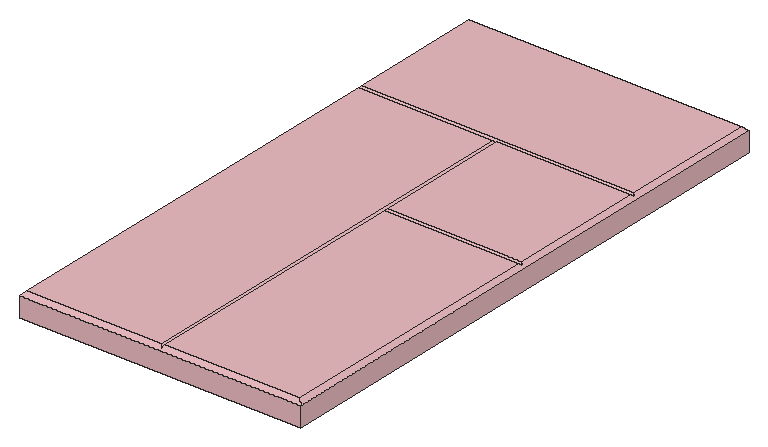
Revit family "PANES  2ft x 4ft", category Specialty Equipment, Revit 2023
Family settings
  Round Connector Dimension = Use Diameter
  Part Type = Normal
  OmniClass Number = 23.35.00.00
  OmniClass Title = Covering, Cladding, and Finishes
  Work Plane-Based = Yes
  Enable Cutting in Views = Yes
  Always vertical = No
  Cut with Voids When Loaded = No
  Maintain Annotation Orientation = No
  Shared = No
  Room Calculation Point = No
Parameters (values of type "2 INCH THICK - CUSTOM PAINTED - STANDARD")
  URL = "https://www.acousticalsurfaces.com/envirocoustic-wood-wool/designs/"
  Type Comments = "Acoustic panels for vertical and horizontal surfaces"
  Thickness = 0' - 2"
  Recycled Content Percentage = "0%"
  Model = "Envirocoustic Wood Wool"
  Material = "Envirocoustic Wood Wool"
  Manufacturer = "Acoustical Surfaces, Inc."
  Fire Rating = "ASTM E84 - Class A"
  Finish = Paint - Acoustical-Surfaces - Custom Painted
  Description = "Acoustic Panels"
  Default Elevation = 0' - 0"
  Backer Thickness = 0' - 1"
  Backer = no
  Assembly Code = "C30"
  Acoustics - NRC = "Sound absorption varies from NRC 0.45 to 0.95 based on installation method used when tested per ASTM C423."
Types (27): name | Thickness | Finish | Backer Thickness | Backer
  2 INCH THICK - CUSTOM PAINTED - STANDARD | 0' - 2" | Paint - Acoustical-Surfaces - Custom Painted | 0' - 1" | no
  2 INCH THICK - PRIMED WHITE - STANDARD | 0' - 2" | Paint - Acoustical-Surfaces - Primed White | 0' - 1" | no
  2 INCH THICK - PRIMED CLEAR - STANDARD | 0' - 2" | Paint - Acoustical-Surfaces - Primed Clear | 0' - 1" | no
  2 INCH THICK - PRIMED WHITE - 2 INCH CFAB BACKER | 0' - 2" | Paint - Acoustical-Surfaces - Primed White | 0' - 2" | yes
  2 INCH THICK - PRIMED WHITE - 1 INCH CFAB BACKER | 0' - 2" | Paint - Acoustical-Surfaces - Primed White | 0' - 1" | yes
  2 INCH THICK - PRIMED CLEAR - 2 INCH CFAB BACKER | 0' - 2" | Paint - Acoustical-Surfaces - Primed Clear | 0' - 2" | yes
  2 INCH THICK - PRIMED CLEAR - 1 INCH CFAB BACKER | 0' - 2" | Paint - Acoustical-Surfaces - Primed Clear | 0' - 1" | yes
  2 INCH THICK - CUSTOM PAINTED - 2 INCH CFAB BACKER | 0' - 2" | Paint - Acoustical-Surfaces - Custom Painted | 0' - 2" | yes
  2 INCH THICK - CUSTOM PAINTED - 1 INCH CFAB BACKER | 0' - 2" | Paint - Acoustical-Surfaces - Custom Painted | 0' - 1" | yes
  1-3/8 INCH THICK - CUSTOM PAINTED - STANDARD | 0' - 1 3/8" | Paint - Acoustical-Surfaces - Custom Painted | 0' - 1" | no
  1-3/8 INCH THICK - PRIMED WHITE - STANDARD | 0' - 1 3/8" | Paint - Acoustical-Surfaces - Primed White | 0' - 1" | no
  1-3/8 INCH THICK - PRIMED CLEAR - STANDARD | 0' - 1 3/8" | Paint - Acoustical-Surfaces - Primed Clear | 0' - 1" | no
  1-3/8 INCH THICK - PRIMED WHITE - 2 INCH CFAB BACKER | 0' - 1 3/8" | Paint - Acoustical-Surfaces - Primed White | 0' - 2" | yes
  1-3/8 INCH THICK - PRIMED WHITE - 1 INCH CFAB BACKER | 0' - 1 3/8" | Paint - Acoustical-Surfaces - Primed White | 0' - 1" | yes
  1-3/8 INCH THICK - PRIMED CLEAR - 2 INCH CFAB BACKER | 0' - 1 3/8" | Paint - Acoustical-Surfaces - Primed Clear | 0' - 2" | yes
  1-3/8 INCH THICK - PRIMED CLEAR - 1 INCH CFAB BACKER | 0' - 1 3/8" | Paint - Acoustical-Surfaces - Primed Clear | 0' - 1" | yes
  1-3/8 INCH THICK - CUSTOM PAINTED - 2 INCH CFAB BACKER | 0' - 1 3/8" | Paint - Acoustical-Surfaces - Custom Painted | 0' - 2" | yes
  1-3/8 INCH THICK - CUSTOM PAINTED - 1 INCH CFAB BACKER | 0' - 1 3/8" | Paint - Acoustical-Surfaces - Custom Painted | 0' - 1" | yes
  1 INCH THICK - CUSTOM PAINTED - STANDARD | 0' - 1" | Paint - Acoustical-Surfaces - Custom Painted | 0' - 1" | no
  1 INCH THICK - PRIMED WHITE - STANDARD | 0' - 1" | Paint - Acoustical-Surfaces - Primed White | 0' - 1" | no
  1 INCH THICK - PRIMED CLEAR - STANDARD | 0' - 1" | Paint - Acoustical-Surfaces - Primed Clear | 0' - 1" | no
  1 INCH THICK - PRIMED WHITE - 2 INCH CFAB BACKER | 0' - 1" | Paint - Acoustical-Surfaces - Primed White | 0' - 2" | yes
  1 INCH THICK - PRIMED WHITE - 1 INCH CFAB BACKER | 0' - 1" | Paint - Acoustical-Surfaces - Primed White | 0' - 1" | yes
  1 INCH THICK - PRIMED CLEAR - 2 INCH CFAB BACKER | 0' - 1" | Paint - Acoustical-Surfaces - Primed Clear | 0' - 2" | yes
  1 INCH THICK - PRIMED CLEAR - 1 INCH CFAB BACKER | 0' - 1" | Paint - Acoustical-Surfaces - Primed Clear | 0' - 1" | yes
  1 INCH THICK - CUSTOM PAINTED - 2 INCH CFAB BACKER | 0' - 1" | Paint - Acoustical-Surfaces - Custom Painted | 0' - 2" | yes
  1 INCH THICK - CUSTOM PAINTED - 1 INCH CFAB BACKER | 0' - 1" | Paint - Acoustical-Surfaces - Custom Painted | 0' - 1" | yes
Reference planes (in)
  plane 1 "Center (Front/Back)": y = 0
  plane 2: z = 0
  plane 3 "Center (Left/Right)": x = 0
  plane 4: x = -12
  plane 5: x = 12
  plane 6: y = 24
  plane 7: y = -24
  plane 8: z = 2
  plane 9: z = -1
Forms (in)
  Extrusion 1, solid, material "Paint - Acoustical-Surfaces - Custom Painted" <- "Finish"
    sketch origin (0, 0, 0) x (1, 0, 0) y (0, 1, 0)
      loop
        line (12, 24) -> (-12, 24) -> (-12, -24) -> (12, -24) -> (12, 24)
    from 0 to 2
  Sweep 2, void
    path in 3D
      loop
        line (12, 24, 2) -> (-12, 24, 2) -> (-12, -24, 2) -> (12, -24, 2) -> (12, 24, 2)
    profile "Triangle : Family2" origin (12, 0, 2) x (-1, 0, 0) y (0, 0, 1)
      loop
        line (0, 0) -> (0, -0.315) -> (0.315, 0) -> (0, 0)
  Extrusion 3, solid, visible <- "Backer"
    sketch origin (0, 0, 0) x (1, 0, 0) y (0, 1, 0)
      loop
        line (12, 24) -> (-12, 24) -> (-12, -24) -> (12, -24) -> (12, 24)
    from 0 to -1
  Sweep 4, void
    path origin (0, 0, 2) x (1, 0, 0) y (0, 1, 0)
      loop
        line (12, 12) -> (-12, 12)
    profile "Groove : Family2" origin (0, 12, 2) x (0, -1, 0) y (0, 0, 1)
      loop
        line (-0.1575, 0) -> (0, -0.1575) -> (0.1575, 0) -> (-0.1575, 0)
  Sweep 5, void
    path origin (0, 0, 2) x (1, 0, 0) y (0, 1, 0)
      loop
        line (0, 12) -> (0, -24)
    profile "Groove : Family2" origin (0, -6, 2) x (1, 0, 0) y (0, 0, 1)
      loop
        line (-0.1575, 0) -> (0, -0.1575) -> (0.1575, 0) -> (-0.1575, 0)
  Sweep 6, void
    path origin (0, 0, 2) x (1, 0, 0) y (0, 1, 0)
      loop
        line (12, 0) -> (0, 0)
    profile "Groove : Family2" origin (6, 0, 2) x (0, -1, 0) y (0, 0, 1)
      loop
        line (-0.1575, 0) -> (0, -0.1575) -> (0.1575, 0) -> (-0.1575, 0)
Cuts and joins
  Sweep 2, Sweep 4, Sweep 5, Sweep 6 cuts Extrusion 1
Lines and regions (in)
  sketch lines
    curve 1: line (12, -24, 2) -> (12, 24, 2)
    curve 2: line (-12, -24, 2) -> (12, -24, 2)
    curve 3: line (-12, 24, 2) -> (-12, -24, 2)
    curve 4: line (12, 24, 2) -> (-12, 24, 2)
Dimensions and locks (in)
  equal spacing: plane 4, plane 3 "Center (Left/Right)", plane 5
  equal spacing: plane 7, plane 1 "Center (Front/Back)", plane 6
  plane 7 to plane 6 = 4' - 0"
  locked: plane 4 to plane 5 at 24
  "Thickness": plane 8 to level
  "Backer Thickness": level to plane 9
  aligned and locked: level to plane 2
  aligned and locked: Extrusion 1 sketch curve to plane 4
  aligned and locked: plane 5 to Extrusion 1 sketch curve
  aligned and locked: Extrusion 1 sketch curve to plane 6
  aligned and locked: Extrusion 1 sketch curve to plane 7
  aligned and locked: Extrusion 1 to plane 8
  aligned and locked: Extrusion 3 sketch curve to plane 4
  aligned and locked: plane 5 to Extrusion 3 sketch curve
  aligned and locked: Extrusion 3 sketch curve to plane 6
  aligned and locked: Extrusion 3 sketch curve to plane 7
  aligned and locked: plane 9 to Extrusion 3
